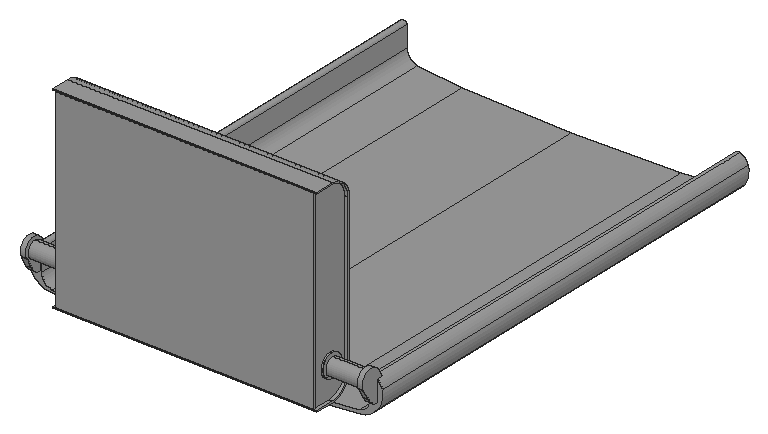
Revit family "3205 Björk Baby changing station", category Furniture Systems, host Wall, Revit 2017
Family settings
  Host = Wall
  Round Connector Dimension = Use Diameter
  Part Type = Normal
  Always vertical = Yes
  Cut with Voids When Loaded = No
  Shared = No
  Room Calculation Point = No
Parameters (values of type "Mat Sort")
  URL = "http://www.dandryer.dk/da-dk/produkter/produktserie-%E2%80%93-bjork/3205-bjork-puslebord--mat-sort-"
  UP = not(Down)  # no
  Type Image = <None>
  Surface = Mat Sort
  Model = "Björk-3205"
  Manufacturer = "Dan Dryer"
  Down = yes
  Description = "Baby changing table"
  Cost = 0
Reference planes
  plane 1 "Wall": y = 0
  plane 2 "Center (Left/Right)": x = 125
  plane 3 "Back": y = 75
Forms (mm)
  Extrusion 1, solid, material "Blank Hvid", not visible
    sketch origin (0, 0, 0) x (1, 0, 0) y (0, 1, 0)
      loop
        arc (42.212, 95.366) -> (42.426, 94.946) -> (42.5, 94.481) r 1.5
        line (42.5, 94.481) -> (42.5, 75.3) -> (43.7, 75.3) -> (43.7, 94.481)
        arc (43.7, 94.481) -> (43.567, 95.318) -> (43.181, 96.073) r 2.7
        arc (43.181, 96.073) -> (125, 257.1) -> (206.819, 96.073) r 101.3
        arc (206.819, 96.073) -> (206.433, 95.318) -> (206.3, 94.481) r 2.7
        line (206.3, 94.481) -> (206.3, 75.3) -> (207.5, 75.3) -> (207.5, 94.481)
        arc (207.5, 94.481) -> (207.574, 94.946) -> (207.788, 95.366) r 1.5
        arc (207.788, 95.366) -> (125, 258.3) -> (42.212, 95.366) r 102.5
    from 900 to 1230
  Extrusion 2, void, not visible
    sketch origin (207.5, 94.481, 0) x (0, 1, 0) y (0, 0, -1)
      loop
        line (-19.181, -1225) -> (-19.181, -1230) -> (6.154, -1230)
        arc (6.154, -1230) -> (3.068, -1228.36) -> (2.105, -1225) r 4.47
        line (2.105, -1225) -> (-19.181, -1225)
    from -10.952 to 170.161
  Extrusion 3, void, not visible
    sketch origin (207.5, 94.481, 2130) x (0, 1, 0) y (0, 0, -1)
      loop
        line (-19.181, 1225) -> (2.105, 1225)
        arc (2.105, 1225) -> (3.068, 1228.36) -> (6.154, 1230) r 4.47
        line (6.154, 1230) -> (-19.181, 1230) -> (-19.181, 1225)
    from -6 to 179.451
  Extrusion 4, solid, not visible
    sketch origin (207.5, 75.3, 907) x (0, 1, 0) y (-1, 0, 0)
      loop
        line (0, 163.8) -> (0, 1.2) -> (19.181, 1.2)
        arc (19.181, 1.2) -> (20.018, 1.067) -> (20.773, 0.681) r 2.7
        arc (20.773, 0.681) -> (181.8, 82.5) -> (20.773, 164.319) r 101.3
        arc (20.773, 164.319) -> (20.018, 163.933) -> (19.181, 163.8) r 2.7
        line (19.181, 163.8) -> (0, 163.8)
    from 0 to -2
  Extrusion 5, void, not visible
    sketch origin (206.3, 75.3, 0) x (-1, 0, 0) y (0, 0, 1)
      loop
        arc (83.312, 976) -> (81.303, 978.014) -> (79.288, 976) r 2.012
        line (79.288, 976) -> (79.285, 930)
        arc (79.285, 930) -> (81.297, 927.986) -> (83.312, 930) r 2.012
        line (83.312, 930) -> (83.312, 976)
    from 174.915 to 189.234
  Extrusion 6, solid, not visible
    sketch origin (206.3, 75.3, 0) x (1, 0, 0) y (0, 0, 1)
      loop
        line (-83.312, 975.984) -> (-83.312, 930)
        arc (-83.312, 930) -> (-81.291, 928.118) -> (-79.287, 930.016) r 2.015
        line (-79.287, 930.016) -> (-79.288, 976)
        arc (-79.288, 976) -> (-81.309, 977.882) -> (-83.312, 975.984) r 2.015
    from -182.98 to -174.915
  Extrusion 7, solid, material "Mat Sort", not visible
    sketch origin (0, 0, 0) x (1, 0, 0) y (0, 1, 0)
      loop
        arc (42.212, 95.366) -> (42.426, 94.946) -> (42.5, 94.481) r 1.5
        line (42.5, 94.481) -> (42.5, 75.3) -> (43.7, 75.3) -> (43.7, 94.481)
        arc (43.7, 94.481) -> (43.567, 95.318) -> (43.181, 96.073) r 2.7
        arc (43.181, 96.073) -> (125, 257.1) -> (206.819, 96.073) r 101.3
        arc (206.819, 96.073) -> (206.433, 95.318) -> (206.3, 94.481) r 2.7
        line (206.3, 94.481) -> (206.3, 75.3) -> (207.5, 75.3) -> (207.5, 94.481)
        arc (207.5, 94.481) -> (207.574, 94.946) -> (207.788, 95.366) r 1.5
        arc (207.788, 95.366) -> (125, 258.3) -> (42.212, 95.366) r 102.5
    from 900 to 1230
Text (mm)
  text "Placement Side" at (-1848.837, 1116.779, 0), in view "Ref. Level"
  text "Placement side" at (0, 1409.804, 2854.306), in view "Left"
  text "Placement side" at (0, 499.811, 2980.732), in view "Right"
Dimensions and locks
  locked: plane 3 "Back" to host wall
  aligned and locked: plane 1 "Wall" to host wall
  aligned and locked: plane 3 "Back" to nested 1  (x2)
  aligned and locked: nested 1 to host wall
Nested families
  nested 1: "Master changing table" at (125, 75, 1050), type "Master changing table"
    with Table up no
Definition of nested family "Master changing table"
  Parameters (values of type "Master changing table")
    Table up = yes
    Table down = yes
    Surface = none
  Reference planes
    plane 1 "Center (Front/Back)": y = 0
    plane 2: z = 0
    plane 3 "Center (Left/Right)": x = 0
  Forms (mm)
    Extrusion 1, solid, material <- "Surface"
      sketch origin (205, 367.912, 256.022) x (0, 1, 0) y (0, 0, 1)
        loop
          line (-368.006, 0) -> (-368.006, -1.5) -> (-337.756, -1.5)
          arc (-337.756, -1.5) -> (-316.543, -10.287) -> (-307.756, -31.5) r 30
          line (-307.756, -31.5) -> (-307.756, -273.5)
          arc (-307.756, -273.5) -> (-316.543, -294.713) -> (-337.756, -303.5) r 30
          line (-337.756, -303.5) -> (-368.006, -303.5) -> (-368.006, -305) -> (-337.756, -305)
          arc (-337.756, -305) -> (-315.482, -295.774) -> (-306.256, -273.5) r 31.5
          line (-306.256, -273.5) -> (-306.256, -31.5)
          arc (-306.256, -31.5) -> (-315.482, -9.226) -> (-337.756, 0) r 31.5
          line (-337.756, 0) -> (-368.006, 0)
      from -410.457 to 0.457
    Extrusion 2, solid, material <- "Surface"
      sketch origin (-200, 30.056, 103.522) x (0, -1, 0) y (0, 0, 1)
        loop
          line (28.149, 150) -> (0.649, 150)
          arc (0.649, 150) -> (-20.564, 141.213) -> (-29.351, 120) r 30
          line (-29.351, 120) -> (-29.351, -120)
          arc (-29.351, -120) -> (-20.564, -141.213) -> (0.649, -150) r 30
          line (0.649, -150) -> (28.149, -150) -> (28.149, 150)
      from 0 to -1.5
    Extrusion 3, solid, material <- "Surface"
      sketch origin (200, 30.056, 103.522) x (0, -1, 0) y (0, 0, -1)
        loop
          line (28.149, -150) -> (28.149, 150) -> (0.649, 150)
          arc (0.649, 150) -> (-20.564, 141.213) -> (-29.351, 120) r 30
          line (-29.351, 120) -> (-29.351, -120)
          arc (-29.351, -120) -> (-20.564, -141.213) -> (0.649, -150) r 30
          line (0.649, -150) -> (28.149, -150)
      from 0 to -1.5
    Extrusion 4, solid, material <- "Surface", visible <- "Table down"
      sketch origin (0, 750.106, -53.254) x (-1, 0, 0) y (0, 0, 1)
        loop
          line (-255, 19.726) -> (-255, 51.373)
          arc (-255, 51.373) -> (-257.243, 55.544) -> (-261.96, 55.973) r 5
          arc (-261.96, 55.973) -> (-270.039, 50.067) -> (-274.685, 41.203) r 22.097
          arc (-274.685, 41.203) -> (-275.07, 26.076) -> (-268.731, 12.336) r 33.351
          arc (-268.731, 12.336) -> (-256.485, 1.616) -> (-241.13, -3.778) r 42.947
          arc (-241.13, -3.778) -> (-205.836, -8.031) -> (-170.362, -10.357) r 652.663
          arc (-170.362, -10.357) -> (-85.196, -12.728) -> (0, -13.33) r 4102.572
          arc (0, -13.33) -> (85.196, -12.728) -> (170.362, -10.357) r 4102.572
          arc (170.362, -10.357) -> (205.836, -8.031) -> (241.13, -3.778) r 652.663
          arc (241.13, -3.778) -> (256.485, 1.616) -> (268.731, 12.336) r 42.947
          arc (268.731, 12.336) -> (275.07, 26.076) -> (274.685, 41.203) r 33.351
          arc (274.685, 41.203) -> (270.039, 50.067) -> (261.96, 55.973) r 22.097
          arc (261.96, 55.973) -> (257.243, 55.544) -> (255, 51.373) r 5
          line (255, 51.373) -> (255, 19.726)
          arc (255, 19.726) -> (250.375, 7.3) -> (238.751, 0.923) r 19.004
          arc (238.751, 0.923) -> (204.558, -3.146) -> (170.196, -5.363) r 637.149
          arc (170.196, -5.363) -> (85.113, -7.758) -> (0, -8.582) r 4609.967
          arc (0, -8.582) -> (-85.113, -7.758) -> (-170.196, -5.363) r 4609.967
          arc (-170.196, -5.363) -> (-204.558, -3.146) -> (-238.751, 0.923) r 637.149
          arc (-238.751, 0.923) -> (-250.375, 7.3) -> (-255, 19.726) r 19.004
      from -709.566 to 0
    Extrusion 5, solid, material <- "Surface", visible <- "Table down"
      sketch origin (258, 29.906, 2.522) x (0, 0, 1) y (0, 1, 0)
        loop
          line (8.4, 14.549) -> (-2.6, 20.9)
          arc (-2.6, 20.9) -> (-4.503, 22.803) -> (-5.2, 25.403) r 5.2
          line (-5.2, 25.403) -> (-5.2, 41.674) -> (-6, 41.383) -> (-6, 177.6)
          arc (-6, 177.6) -> (-6.879, 179.721) -> (-9, 180.6) r 3
          line (-9, 180.6) -> (-33, 180.6)
          arc (-33, 180.6) -> (-35.121, 179.721) -> (-36, 177.6) r 3
          line (-36, 177.6) -> (-36, 30.464) -> (-36.8, 30.172) -> (-36.8, 16.166)
          arc (-36.8, 16.166) -> (-33.477, 3.766) -> (-24.4, -5.312) r 24.8
          line (-24.4, -5.312) -> (-8.4, -14.549)
          arc (-8.4, -14.549) -> (14.549, -8.4) -> (8.4, 14.549) r 16.8
      from -8 to 0
    Extrusion 6, solid, material <- "Surface", visible <- "Table down"
      sketch origin (-266, 29.906, 2.522) x (0, 0, 1) y (0, 1, 0)
        loop
          line (8.4, 14.549) -> (-2.6, 20.9)
          arc (-2.6, 20.9) -> (-4.503, 22.803) -> (-5.2, 25.403) r 5.2
          line (-5.2, 25.403) -> (-5.2, 41.674) -> (-6, 41.383) -> (-6, 177.6)
          arc (-6, 177.6) -> (-6.879, 179.721) -> (-9, 180.6) r 3
          line (-9, 180.6) -> (-33, 180.6)
          arc (-33, 180.6) -> (-35.121, 179.721) -> (-36, 177.6) r 3
          line (-36, 177.6) -> (-36, 30.464) -> (-36.8, 30.172) -> (-36.8, 16.166)
          arc (-36.8, 16.166) -> (-33.477, 3.766) -> (-24.4, -5.312) r 24.8
          line (-24.4, -5.312) -> (-8.4, -14.549)
          arc (-8.4, -14.549) -> (14.549, -8.4) -> (8.4, 14.549) r 16.8
      from -8 to 0
    Extrusion 7, solid, material <- "Surface"
      sketch origin (-258, 31.072, 1.856) x (0, 0, -1) y (0, 1, 0)
        loop
          circle (-0.065, 0.035) r 17.549
      from 53 to 462.5
    Extrusion 8, solid, material <- "Surface", visible <- "Table up"
      sketch origin (0, 85.702, 722.747) x (-1, 0, 0) y (0, -1, 0)
        loop
          line (-255, 19.726) -> (-255, 51.373)
          arc (-255, 51.373) -> (-257.243, 55.544) -> (-261.96, 55.973) r 5
          arc (-261.96, 55.973) -> (-270.039, 50.067) -> (-274.685, 41.203) r 22.097
          arc (-274.685, 41.203) -> (-275.07, 26.076) -> (-268.731, 12.336) r 33.351
          arc (-268.731, 12.336) -> (-256.485, 1.616) -> (-241.13, -3.778) r 42.947
          arc (-241.13, -3.778) -> (-205.836, -8.031) -> (-170.362, -10.357) r 652.663
          arc (-170.362, -10.357) -> (-85.196, -12.728) -> (0, -13.33) r 4102.572
          arc (0, -13.33) -> (85.196, -12.728) -> (170.362, -10.357) r 4102.572
          arc (170.362, -10.357) -> (205.836, -8.031) -> (241.13, -3.778) r 652.663
          arc (241.13, -3.778) -> (256.485, 1.616) -> (268.731, 12.336) r 42.947
          arc (268.731, 12.336) -> (275.07, 26.076) -> (274.685, 41.203) r 33.351
          arc (274.685, 41.203) -> (270.039, 50.067) -> (261.96, 55.973) r 22.097
          arc (261.96, 55.973) -> (257.243, 55.544) -> (255, 51.373) r 5
          line (255, 51.373) -> (255, 19.726)
          arc (255, 19.726) -> (250.375, 7.3) -> (238.751, 0.923) r 19.004
          arc (238.751, 0.923) -> (204.558, -3.146) -> (170.196, -5.363) r 637.149
          arc (170.196, -5.363) -> (85.113, -7.758) -> (0, -8.582) r 4609.967
          arc (0, -8.582) -> (-85.113, -7.758) -> (-170.196, -5.363) r 4609.967
          arc (-170.196, -5.363) -> (-204.558, -3.146) -> (-238.751, 0.923) r 637.149
          arc (-238.751, 0.923) -> (-250.375, 7.3) -> (-255, 19.726) r 19.004
      from -709.566 to 0
    Extrusion 9, solid, material <- "Surface", visible <- "Table up"
      sketch origin (258, 29.925, 2.547) x (0, -1, 0) y (0, 0, 1)
        loop
          line (8.4, 14.549) -> (-2.6, 20.9)
          arc (-2.6, 20.9) -> (-4.503, 22.803) -> (-5.2, 25.403) r 5.2
          line (-5.2, 25.403) -> (-5.2, 41.674) -> (-6, 41.383) -> (-6, 177.6)
          arc (-6, 177.6) -> (-6.879, 179.721) -> (-9, 180.6) r 3
          line (-9, 180.6) -> (-33, 180.6)
          arc (-33, 180.6) -> (-35.121, 179.721) -> (-36, 177.6) r 3
          line (-36, 177.6) -> (-36, 30.464) -> (-36.8, 30.172) -> (-36.8, 16.166)
          arc (-36.8, 16.166) -> (-33.477, 3.766) -> (-24.4, -5.312) r 24.8
          line (-24.4, -5.312) -> (-8.4, -14.549)
          arc (-8.4, -14.549) -> (14.549, -8.4) -> (8.4, 14.549) r 16.8
      from -8 to 0
    Extrusion 10, solid, material <- "Surface", visible <- "Table up"
      sketch origin (-266, 29.925, 2.547) x (0, -1, 0) y (0, 0, 1)
        loop
          line (8.4, 14.549) -> (-2.6, 20.9)
          arc (-2.6, 20.9) -> (-4.503, 22.803) -> (-5.2, 25.403) r 5.2
          line (-5.2, 25.403) -> (-5.2, 41.674) -> (-6, 41.383) -> (-6, 177.6)
          arc (-6, 177.6) -> (-6.879, 179.721) -> (-9, 180.6) r 3
          line (-9, 180.6) -> (-33, 180.6)
          arc (-33, 180.6) -> (-35.121, 179.721) -> (-36, 177.6) r 3
          line (-36, 177.6) -> (-36, 30.464) -> (-36.8, 30.172) -> (-36.8, 16.166)
          arc (-36.8, 16.166) -> (-33.477, 3.766) -> (-24.4, -5.312) r 24.8
          line (-24.4, -5.312) -> (-8.4, -14.549)
          arc (-8.4, -14.549) -> (14.549, -8.4) -> (8.4, 14.549) r 16.8
      from -8 to 0
    Extrusion 11, solid, material <- "Surface"
      sketch origin (-258, 30.572, 1.856) x (0, 0, -1) y (0, 1, 0)
        loop
          circle (-0.065, 0.035) r 13.035
      from 0 to 516
    Extrusion 12, solid, material <- "Surface"
      sketch origin (-258, 30.572, 1.856) x (0, 0, -1) y (0, 1, 0)
        loop
          circle (-0.065, 0.035) r 16.835
      from 54.88 to 461.953
    Extrusion 13, solid, material <- "Surface"
      sketch origin (-5125, -0.094, -947.478) x (-1, 0, 0) y (0, 0, 1)
        loop
          line (-5325, 1202) -> (-5325, 900) -> (-4925, 900) -> (-4925, 1202) -> (-5325, 1202)
      from 0 to 2
    Extrusion 14, solid, not visible
      sketch origin (-5000, 75, 0) x (-1, 0, 0) y (0, 0, 1)
        loop
          line (-5325, 1202) -> (-5325, 900) -> (-4925, 900) -> (-4925, 1202) -> (-5325, 1202)
      from 0 to 2
    Extrusion 15, solid, not visible
      sketch origin (330, 443.006, 1203.5) x (0, 1, 0) y (0, 0, 1)
        loop
          line (-368.006, 0) -> (-368.006, -1.5) -> (-337.756, -1.5)
          arc (-337.756, -1.5) -> (-316.543, -10.287) -> (-307.756, -31.5) r 30
          line (-307.756, -31.5) -> (-307.756, -273.5)
          arc (-307.756, -273.5) -> (-316.543, -294.713) -> (-337.756, -303.5) r 30
          line (-337.756, -303.5) -> (-368.006, -303.5) -> (-368.006, -305) -> (-337.756, -305)
          arc (-337.756, -305) -> (-315.482, -295.774) -> (-306.256, -273.5) r 31.5
          line (-306.256, -273.5) -> (-306.256, -31.5)
          arc (-306.256, -31.5) -> (-315.482, -9.226) -> (-337.756, 0) r 31.5
          line (-337.756, 0) -> (-368.006, 0)
      from -410.457 to 0.457
    Sweep 16, void, not visible
      path origin (330, 443.006, 1203.5) x (0, 1, 0) y (0, 0, 1)
        loop
          line (-368.006, -305) -> (-337.756, -305)
          arc (-337.756, -305) -> (-315.482, -295.774) -> (-306.256, -273.5) r 31.5
          line (-306.256, -273.5) -> (-306.256, -31.5)
          arc (-306.256, -31.5) -> (-315.482, -9.226) -> (-337.756, 0) r 31.5
          line (-337.756, 0) -> (-368.006, 0)
      profile origin (330, 90.125, 1203.5) x (0, 0, -1) y (1, 0, 0)
        loop
          line (0, 0.457) -> (0, -0.75)
          arc (0, -0.75) -> (0.75, 0) -> (1.5, -0.75) r 0.75
          line (1.5, -0.75) -> (1.5, 0.457) -> (0, 0.457)
    Sweep 17, void, not visible
      path origin (-80, 443.006, 1203.5) x (0, 1, 0) y (0, 0, -1)
        loop
          line (-368.006, 305) -> (-337.756, 305)
          arc (-337.756, 305) -> (-315.482, 295.774) -> (-306.256, 273.5) r 31.5
          line (-306.256, 273.5) -> (-306.256, 31.5)
          arc (-306.256, 31.5) -> (-315.482, 9.226) -> (-337.756, 0) r 31.5
          line (-337.756, 0) -> (-368.006, 0)
      profile origin (-80, 90.125, 1203.5) x (0, 0, 1) y (-1, 0, 0)
        loop
          line (0, 0.457) -> (-1.5, 0.457) -> (-1.5, -0.75)
          arc (-1.5, -0.75) -> (-0.75, 0) -> (0, -0.75) r 0.75
          line (0, -0.75) -> (0, 0.457)
    Extrusion 18, solid, not visible
      sketch origin (-75, 105.149, 1051) x (0, -1, 0) y (0, 0, 1)
        loop
          line (28.149, 150) -> (0.649, 150)
          arc (0.649, 150) -> (-20.564, 141.213) -> (-29.351, 120) r 30
          line (-29.351, 120) -> (-29.351, -120)
          arc (-29.351, -120) -> (-20.564, -141.213) -> (0.649, -150) r 30
          line (0.649, -150) -> (28.149, -150) -> (28.149, 150)
      from 0 to -1.5
    Extrusion 19, solid, not visible
      sketch origin (325, 105.149, 1051) x (0, -1, 0) y (0, 0, -1)
        loop
          line (28.149, -150) -> (28.149, 150) -> (0.649, 150)
          arc (0.649, 150) -> (-20.564, 141.213) -> (-29.351, 120) r 30
          line (-29.351, 120) -> (-29.351, -120)
          arc (-29.351, -120) -> (-20.564, -141.213) -> (0.649, -150) r 30
          line (0.649, -150) -> (28.149, -150)
      from 0 to -1.5
    Extrusion 20, void, not visible
      sketch origin (-75, 105.149, 1051) x (0, 1, 0) y (0, 0, 1)
        loop
          circle (-0.114, -100.935) r 17.549
      from 404.5 to -5
    Extrusion 21, solid, visible <- "Table down", not visible
      sketch origin (125, 825.199, 894.224) x (-1, 0, 0) y (0, 0, 1)
        loop
          line (-255, 19.726) -> (-255, 51.373)
          arc (-255, 51.373) -> (-257.243, 55.544) -> (-261.96, 55.973) r 5
          arc (-261.96, 55.973) -> (-270.039, 50.067) -> (-274.685, 41.203) r 22.097
          arc (-274.685, 41.203) -> (-275.07, 26.076) -> (-268.731, 12.336) r 33.351
          arc (-268.731, 12.336) -> (-256.485, 1.616) -> (-241.13, -3.778) r 42.947
          arc (-241.13, -3.778) -> (-205.836, -8.031) -> (-170.362, -10.357) r 652.663
          arc (-170.362, -10.357) -> (-85.196, -12.728) -> (0, -13.33) r 4102.572
          arc (0, -13.33) -> (85.196, -12.728) -> (170.362, -10.357) r 4102.572
          arc (170.362, -10.357) -> (205.836, -8.031) -> (241.13, -3.778) r 652.663
          arc (241.13, -3.778) -> (256.485, 1.616) -> (268.731, 12.336) r 42.947
          arc (268.731, 12.336) -> (275.07, 26.076) -> (274.685, 41.203) r 33.351
          arc (274.685, 41.203) -> (270.039, 50.067) -> (261.96, 55.973) r 22.097
          arc (261.96, 55.973) -> (257.243, 55.544) -> (255, 51.373) r 5
          line (255, 51.373) -> (255, 19.726)
          arc (255, 19.726) -> (250.375, 7.3) -> (238.751, 0.923) r 19.004
          arc (238.751, 0.923) -> (204.558, -3.146) -> (170.196, -5.363) r 637.149
          arc (170.196, -5.363) -> (85.113, -7.758) -> (0, -8.582) r 4609.967
          arc (0, -8.582) -> (-85.113, -7.758) -> (-170.196, -5.363) r 4609.967
          arc (-170.196, -5.363) -> (-204.558, -3.146) -> (-238.751, 0.923) r 637.149
          arc (-238.751, 0.923) -> (-250.375, 7.3) -> (-255, 19.726) r 19.004
      from -709.566 to 0
    Sweep 22, void, not visible
      path origin (125, 825.199, 894.224) x (-1, 0, 0) y (0, 0, 1)
        loop
          arc (-261.96, 55.973) -> (-270.039, 50.067) -> (-274.685, 41.203) r 22.097
          arc (-274.685, 41.203) -> (-275.07, 26.076) -> (-268.731, 12.336) r 33.351
          arc (-268.731, 12.336) -> (-256.485, 1.616) -> (-241.13, -3.778) r 42.947
          arc (-241.13, -3.778) -> (-205.836, -8.031) -> (-170.362, -10.357) r 652.663
          arc (-170.362, -10.357) -> (-85.196, -12.728) -> (0, -13.33) r 4102.572
          arc (0, -13.33) -> (85.196, -12.728) -> (170.362, -10.357) r 4102.572
          arc (170.362, -10.357) -> (205.836, -8.031) -> (241.13, -3.778) r 652.663
          arc (241.13, -3.778) -> (256.485, 1.616) -> (268.731, 12.336) r 42.947
          arc (268.731, 12.336) -> (275.07, 26.076) -> (274.685, 41.203) r 33.351
          arc (274.685, 41.203) -> (270.039, 50.067) -> (261.96, 55.973) r 22.097
          arc (261.96, 55.973) -> (257.243, 55.544) -> (255, 51.373) r 5
          line (255, 51.373) -> (255, 19.726)
          arc (255, 19.726) -> (250.375, 7.3) -> (238.751, 0.923) r 19.004
          arc (238.751, 0.923) -> (204.558, -3.146) -> (170.196, -5.363) r 637.149
          arc (170.196, -5.363) -> (85.113, -7.758) -> (0, -8.582) r 4609.967
          arc (0, -8.582) -> (-85.113, -7.758) -> (-170.196, -5.363) r 4609.967
          arc (-170.196, -5.363) -> (-204.558, -3.146) -> (-238.751, 0.923) r 637.149
          arc (-238.751, 0.923) -> (-250.375, 7.3) -> (-255, 19.726) r 19.004
          line (-255, 19.726) -> (-255, 51.373)
          arc (-255, 51.373) -> (-257.243, 55.544) -> (-261.96, 55.973) r 5
      profile origin (395.039, 825.199, 944.291) x (-0.757606, 0, -0.652712) y (0, 1, 0)
        loop
          arc (0, -1.006) -> (0.295, -0.295) -> (1.006, 0) r 1.006
          line (1.006, 0) -> (0, 0) -> (0, -1.006)
    Extrusion 23, void, not visible
      sketch origin (-141, 105, 950) x (0, 0, 1) y (0, 1, 0)
        loop
          line (-93.281, 10.633) -> (14.517, 10.633) -> (14.517, 49.868) -> (-93.281, 10.633)
      from -603.294 to 94
    Extrusion 24, solid, visible <- "Table down", not visible
      sketch origin (383, 105, 950) x (0, 0, 1) y (0, 1, 0)
        loop
          line (8.4, 14.549) -> (-2.6, 20.9)
          arc (-2.6, 20.9) -> (-4.503, 22.803) -> (-5.2, 25.403) r 5.2
          line (-5.2, 25.403) -> (-5.2, 41.674) -> (-6, 41.383) -> (-6, 177.6)
          arc (-6, 177.6) -> (-6.879, 179.721) -> (-9, 180.6) r 3
          line (-9, 180.6) -> (-33, 180.6)
          arc (-33, 180.6) -> (-35.121, 179.721) -> (-36, 177.6) r 3
          line (-36, 177.6) -> (-36, 30.464) -> (-36.8, 30.172) -> (-36.8, 16.166)
          arc (-36.8, 16.166) -> (-33.477, 3.766) -> (-24.4, -5.312) r 24.8
          line (-24.4, -5.312) -> (-8.4, -14.549)
          arc (-8.4, -14.549) -> (14.549, -8.4) -> (8.4, 14.549) r 16.8
      from -8 to 0
    Extrusion 25, solid, visible <- "Table down", not visible
      sketch origin (-141, 105, 950) x (0, 0, 1) y (0, 1, 0)
        loop
          line (8.4, 14.549) -> (-2.6, 20.9)
          arc (-2.6, 20.9) -> (-4.503, 22.803) -> (-5.2, 25.403) r 5.2
          line (-5.2, 25.403) -> (-5.2, 41.674) -> (-6, 41.383) -> (-6, 177.6)
          arc (-6, 177.6) -> (-6.879, 179.721) -> (-9, 180.6) r 3
          line (-9, 180.6) -> (-33, 180.6)
          arc (-33, 180.6) -> (-35.121, 179.721) -> (-36, 177.6) r 3
          line (-36, 177.6) -> (-36, 30.464) -> (-36.8, 30.172) -> (-36.8, 16.166)
          arc (-36.8, 16.166) -> (-33.477, 3.766) -> (-24.4, -5.312) r 24.8
          line (-24.4, -5.312) -> (-8.4, -14.549)
          arc (-8.4, -14.549) -> (14.549, -8.4) -> (8.4, 14.549) r 16.8
      from -8 to 0
    Extrusion 26, solid, not visible
      sketch origin (-133, 106.166, 949.334) x (0, 0, -1) y (0, 1, 0)
        loop
          circle (-0.065, 0.035) r 17.549
      from 53 to 462.5
    Extrusion 27, solid, visible <- "Table up", not visible
      sketch origin (125, 160.795, 1670.224) x (-1, 0, 0) y (0, -1, 0)
        loop
          line (-255, 19.726) -> (-255, 51.373)
          arc (-255, 51.373) -> (-257.243, 55.544) -> (-261.96, 55.973) r 5
          arc (-261.96, 55.973) -> (-270.039, 50.067) -> (-274.685, 41.203) r 22.097
          arc (-274.685, 41.203) -> (-275.07, 26.076) -> (-268.731, 12.336) r 33.351
          arc (-268.731, 12.336) -> (-256.485, 1.616) -> (-241.13, -3.778) r 42.947
          arc (-241.13, -3.778) -> (-205.836, -8.031) -> (-170.362, -10.357) r 652.663
          arc (-170.362, -10.357) -> (-85.196, -12.728) -> (0, -13.33) r 4102.572
          arc (0, -13.33) -> (85.196, -12.728) -> (170.362, -10.357) r 4102.572
          arc (170.362, -10.357) -> (205.836, -8.031) -> (241.13, -3.778) r 652.663
          arc (241.13, -3.778) -> (256.485, 1.616) -> (268.731, 12.336) r 42.947
          arc (268.731, 12.336) -> (275.07, 26.076) -> (274.685, 41.203) r 33.351
          arc (274.685, 41.203) -> (270.039, 50.067) -> (261.96, 55.973) r 22.097
          arc (261.96, 55.973) -> (257.243, 55.544) -> (255, 51.373) r 5
          line (255, 51.373) -> (255, 19.726)
          arc (255, 19.726) -> (250.375, 7.3) -> (238.751, 0.923) r 19.004
          arc (238.751, 0.923) -> (204.558, -3.146) -> (170.196, -5.363) r 637.149
          arc (170.196, -5.363) -> (85.113, -7.758) -> (0, -8.582) r 4609.967
          arc (0, -8.582) -> (-85.113, -7.758) -> (-170.196, -5.363) r 4609.967
          arc (-170.196, -5.363) -> (-204.558, -3.146) -> (-238.751, 0.923) r 637.149
          arc (-238.751, 0.923) -> (-250.375, 7.3) -> (-255, 19.726) r 19.004
      from -709.566 to 0
    Sweep 28, void, not visible
      path origin (125, 160.795, 1670.224) x (-1, 0, 0) y (0, -1, 0)
        loop
          arc (-261.96, 55.973) -> (-270.039, 50.067) -> (-274.685, 41.203) r 22.097
          arc (-274.685, 41.203) -> (-275.07, 26.076) -> (-268.731, 12.336) r 33.351
          arc (-268.731, 12.336) -> (-256.485, 1.616) -> (-241.13, -3.778) r 42.947
          arc (-241.13, -3.778) -> (-205.836, -8.031) -> (-170.362, -10.357) r 652.663
          arc (-170.362, -10.357) -> (-85.196, -12.728) -> (0, -13.33) r 4102.572
          arc (0, -13.33) -> (85.196, -12.728) -> (170.362, -10.357) r 4102.572
          arc (170.362, -10.357) -> (205.836, -8.031) -> (241.13, -3.778) r 652.663
          arc (241.13, -3.778) -> (256.485, 1.616) -> (268.731, 12.336) r 42.947
          arc (268.731, 12.336) -> (275.07, 26.076) -> (274.685, 41.203) r 33.351
          arc (274.685, 41.203) -> (270.039, 50.067) -> (261.96, 55.973) r 22.097
          arc (261.96, 55.973) -> (257.243, 55.544) -> (255, 51.373) r 5
          line (255, 51.373) -> (255, 19.726)
          arc (255, 19.726) -> (250.375, 7.3) -> (238.751, 0.923) r 19.004
          arc (238.751, 0.923) -> (204.558, -3.146) -> (170.196, -5.363) r 637.149
          arc (170.196, -5.363) -> (85.113, -7.758) -> (0, -8.582) r 4609.967
          arc (0, -8.582) -> (-85.113, -7.758) -> (-170.196, -5.363) r 4609.967
          arc (-170.196, -5.363) -> (-204.558, -3.146) -> (-238.751, 0.923) r 637.149
          arc (-238.751, 0.923) -> (-250.375, 7.3) -> (-255, 19.726) r 19.004
          line (-255, 19.726) -> (-255, 51.373)
          arc (-255, 51.373) -> (-257.243, 55.544) -> (-261.96, 55.973) r 5
      profile origin (395.039, 110.728, 1670.224) x (-0.757606, 0.652712, 0) y (0, 0, 1)
        loop
          arc (0, -1.006) -> (0.295, -0.295) -> (1.006, 0) r 1.006
          line (1.006, 0) -> (0, 0) -> (0, -1.006)
    Extrusion 29, void, not visible
      sketch origin (-141, 105.019, 950.025) x (0, -1, 0) y (0, 0, 1)
        loop
          line (-93.281, 10.633) -> (14.517, 10.633) -> (14.517, 49.868) -> (-93.281, 10.633)
      from -603.294 to 94
    Extrusion 30, solid, visible <- "Table up", not visible
      sketch origin (383, 105.019, 950.025) x (0, -1, 0) y (0, 0, 1)
        loop
          line (8.4, 14.549) -> (-2.6, 20.9)
          arc (-2.6, 20.9) -> (-4.503, 22.803) -> (-5.2, 25.403) r 5.2
          line (-5.2, 25.403) -> (-5.2, 41.674) -> (-6, 41.383) -> (-6, 177.6)
          arc (-6, 177.6) -> (-6.879, 179.721) -> (-9, 180.6) r 3
          line (-9, 180.6) -> (-33, 180.6)
          arc (-33, 180.6) -> (-35.121, 179.721) -> (-36, 177.6) r 3
          line (-36, 177.6) -> (-36, 30.464) -> (-36.8, 30.172) -> (-36.8, 16.166)
          arc (-36.8, 16.166) -> (-33.477, 3.766) -> (-24.4, -5.312) r 24.8
          line (-24.4, -5.312) -> (-8.4, -14.549)
          arc (-8.4, -14.549) -> (14.549, -8.4) -> (8.4, 14.549) r 16.8
      from -8 to 0
    Extrusion 31, solid, visible <- "Table up", not visible
      sketch origin (-141, 105.019, 950.025) x (0, -1, 0) y (0, 0, 1)
        loop
          line (8.4, 14.549) -> (-2.6, 20.9)
          arc (-2.6, 20.9) -> (-4.503, 22.803) -> (-5.2, 25.403) r 5.2
          line (-5.2, 25.403) -> (-5.2, 41.674) -> (-6, 41.383) -> (-6, 177.6)
          arc (-6, 177.6) -> (-6.879, 179.721) -> (-9, 180.6) r 3
          line (-9, 180.6) -> (-33, 180.6)
          arc (-33, 180.6) -> (-35.121, 179.721) -> (-36, 177.6) r 3
          line (-36, 177.6) -> (-36, 30.464) -> (-36.8, 30.172) -> (-36.8, 16.166)
          arc (-36.8, 16.166) -> (-33.477, 3.766) -> (-24.4, -5.312) r 24.8
          line (-24.4, -5.312) -> (-8.4, -14.549)
          arc (-8.4, -14.549) -> (14.549, -8.4) -> (8.4, 14.549) r 16.8
      from -8 to 0
    Extrusion 32, solid, not visible
      sketch origin (-133, 105.666, 949.334) x (0, 0, -1) y (0, 1, 0)
        loop
          circle (-0.065, 0.035) r 13.035
      from 0 to 516
    Extrusion 33, solid, not visible
      sketch origin (-133, 105.666, 949.334) x (0, 0, -1) y (0, 1, 0)
        loop
          circle (-0.065, 0.035) r 16.835
      from 54.88 to 461.953
  Lines and regions (mm)
    reference lines, not visible
      curve 1: line (125, 825.199, 1226.874) -> (125, 825.199, 885.642)
      curve 2: line (125, 419.974, 1670.224) -> (125, -185.026, 1670.224)
  Dimensions and locks
    locked: Extrusion 13 to Extrusion 13 at 2
    aligned and locked: level to plane 2
    aligned and locked: Extrusion 3 to Extrusion 13
